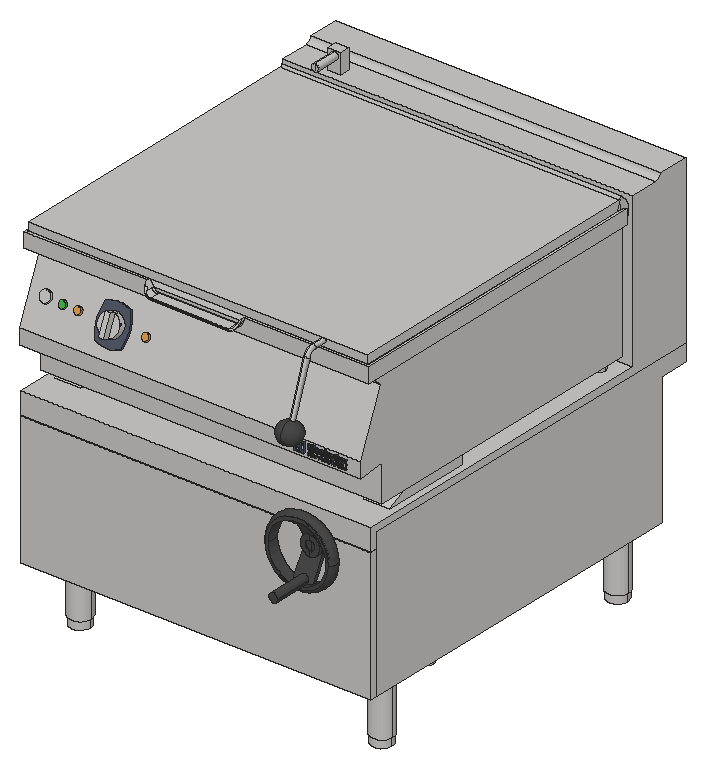
Revit family "QF_ELECTROLUXPROFESSIONAL_391416_E9PPBDBAME", category Specialty Equipment, Revit 2018 (continued)
Automatic sketch dimensions
  curve 40 to plane 17 = 2.864 mm
  plane 17 to curve 42 = 36.608 mm
  curve 42 to curve 37 = 7.038 mm
  plane 18 to curve 34 = 1.953 mm
  curve 37 to curve 34 = 6.354 mm
  curve 42 to curve 46 = 18.392 mm
  curve 47 to curve 46 = 0 mm
  curve 47 to curve 38 = 10 mm
  curve 39 to curve 38 = 0 mm
  plane 18 to curve 35 = 1.953 mm
  curve 34 to curve 35 = 20 mm
  curve 39 to curve 48 = 11.354 mm
  curve 38 to curve 43 = 15.971 mm
  curve 43 to curve 44 = 41.894 mm
  curve 44 to curve 38 = 9.742 mm
  curve 44 to curve 48 = 9.742 mm
  curve 38 to curve 44 = 5.753 mm
  curve 68 to plane 5 "FRONT" = 15.818 mm
  curve 44 to curve 68 = 87.27 mm
  curve 69 to plane 5 "FRONT" = 5.606 mm
  curve 68 to curve 69 = 11.958 mm
  curve 68 to plane 5 "FRONT" = 0.965 mm
  curve 69 to curve 68 = 1.965 mm
  curve 68 to curve 69 = 0.006 mm
  plane 5 "FRONT" to curve 69 = 4.277 mm
  curve 69 to curve 69 = 9.968 mm
  curve 70 to curve 69 = 8.908 mm
  curve 72 to plane 5 "FRONT" = 5.613 mm
  curve 72 to curve 70 = 8.911 mm
  curve 72 to plane 5 "FRONT" = 0.971 mm
  curve 72 to curve 72 = 9.976 mm
  curve 71 to plane 5 "FRONT" = 0.969 mm
  curve 72 to curve 71 = 0.006 mm
  curve 65 to curve 63 = 18.697 mm
  curve 63 to curve 63 = 4.962 mm
  curve 62 to curve 64 = 5.624 mm
  curve 64 to curve 61 = 1.683 mm  (x2)
  curve 64 to curve 62 = 2.505 mm
  curve 61 to plane 5 "FRONT" = 2.513 mm
  curve 62 to curve 66 = 0 mm  (x3)
  curve 61 to curve 64 = 0 mm
  curve 66 to curve 64 = 0.67 mm
  curve 61 to curve 65 = 4.861 mm
  curve 65 to curve 65 = 5.076 mm
  curve 65 to curve 65 = 1.823 mm
  curve 65 to curve 63 = 18.827 mm
  curve 63 to curve 66 = 13.072 mm
  curve 63 to plane 15 = 1.83 mm
  plane 3 "LEFT" to curve 54 = 10 mm
  curve 64 to plane 5 "FRONT" = 15.818 mm
  curve 71 to curve 72 = 10.205 mm
  curve 65 to curve 64 = 0 mm
  curve 54 to plane 5 "FRONT" = 15.818 mm
  curve 53 to plane 5 "FRONT" = 15.818 mm
  curve 65 to curve 65 = 7.163 mm
  curve 63 to curve 65 = 0 mm
  curve 66 to curve 63 = 10.774 mm
  curve 50 to plane 12 = 25 mm
  curve 49 to curve 50 = 0 mm
  curve 61 to curve 64 = 3.577 mm
  plane 5 "FRONT" to curve 47 = 26.466 mm
  plane 5 "FRONT" to curve 38 = 26.466 mm
  curve 47 to curve 46 = 3.53 mm
  curve 38 to curve 44 = 3.53 mm
  curve 38 to curve 44 = 10.884 mm
  curve 41 to curve 40 = 10.884 mm
  Extrusion 24 sketch curve to Extrusion 24 sketch curve = 0 mm  (x5)
  Extrusion 24 sketch curve to Extrusion 24 sketch curve = 4.545 mm
  Extrusion 24 sketch curve to Extrusion 24 sketch curve = 2.771 mm  (x2)
  Extrusion 24 sketch curve to Extrusion 24 sketch curve = 14.214 mm
  Extrusion 24 sketch curve to plane 21 = 40.578 mm
  plane 7 "Center Y" to Extrusion 24 sketch curve = 88.474 mm
  Extrusion 24 sketch curve to plane 21 = 32.378 mm
  Extrusion 24 sketch curve to Extrusion 24 sketch curve = 14.203 mm
  Extrusion 24 sketch curve to plane 21 = 33.978 mm
  Extrusion 24 sketch curve to plane 21 = 19.699 mm
  Extrusion 24 sketch curve to Extrusion 24 sketch curve = 7.32 mm
  Extrusion 24 sketch curve to Extrusion 24 sketch curve = 6.606 mm
  Extrusion 24 sketch curve to Extrusion 24 sketch curve = 6.4 mm  (x2)
  Extrusion 24 sketch curve to Extrusion 24 sketch curve = 7.872 mm
  Extrusion 25 sketch curve to plane 5 "FRONT" = 10.347 mm
  plane 5 "FRONT" to Extrusion 25 sketch curve = 6.769 mm
  Extrusion 25 sketch curve to plane 21 = 46.536 mm
  Extrusion 25 sketch curve to plane 21 = 18.745 mm
  Extrusion 26 sketch curve to Extrusion 26 sketch curve = 0 mm
  Extrusion 26 sketch curve to Extrusion 26 sketch curve = 12.3 mm  (x3)
  Extrusion 26 sketch curve to Extrusion 26 sketch curve = 34.925 mm  (x2)
  Extrusion 26 sketch curve to Extrusion 26 sketch curve = 50.015 mm
  Extrusion 30 sketch curve to Extrusion 30 sketch curve = 24.732 mm
  Extrusion 30 sketch curve to Extrusion 30 sketch curve = 0 mm
  Extrusion 31 sketch curve to plane 15 = 7.427 mm
  Extrusion 33 sketch curve to plane 11 = 87.075 mm
  plane 8 "Center X" to Extrusion 33 sketch curve = 110.667 mm
  Extrusion 33 sketch curve to Extrusion 33 sketch curve = 694.86 mm
  Extrusion 33 sketch curve to Extrusion 33 sketch curve = 15.993 mm
  Extrusion 33 sketch curve to Extrusion 33 sketch curve = 5.354 mm
  Extrusion 33 sketch curve to Extrusion 33 sketch curve = 3.503 mm
  Extrusion 33 sketch curve to Extrusion 33 sketch curve = 12.189 mm
  Extrusion 33 sketch curve to Extrusion 33 sketch curve = 3.348 mm
  Extrusion 33 sketch curve to Extrusion 33 sketch curve = 18.4 mm  (x2)
  Extrusion 33 sketch curve to Extrusion 33 sketch curve = 2.697 mm
  Extrusion 33 sketch curve to Extrusion 33 sketch curve = 14.057 mm
  Extrusion 33 sketch curve to Extrusion 33 sketch curve = 4.418 mm
  Extrusion 33 sketch curve to Extrusion 33 sketch curve = 11 mm
  Extrusion 33 sketch curve to Extrusion 33 sketch curve = 6.539 mm
  Sweep 34 sketch curve to plane 8 "Center X" = 20.462 mm
  Sweep 34 sketch curve to plane 11 = 28.458 mm
  Sweep 34 sketch curve to Sweep 34 sketch curve = 41.037 mm
  Sweep 34 sketch curve to Sweep 34 sketch curve = 18.794 mm
  Sweep 34 sketch curve to Sweep 34 sketch curve = 28.354 mm
  Sweep 34 sketch curve to Sweep 34 sketch curve = 105.908 mm
  Sweep 34 sketch curve to Sweep 34 sketch curve = 6.84 mm
  Sweep 34 sketch curve to profile plane = 0 mm
  profile plane to Sweep 34 sketch curve = 676.16 mm
  Revolve 35 sketch curve to plane 11 = 23.591 mm
  Revolve 35 sketch curve to plane 8 "Center X" = 65.198 mm
  Revolve 35 sketch curve to Revolve 35 sketch curve = 0 mm  (x4)
  Revolve 35 sketch curve to Revolve 35 sketch curve = 4.229 mm
  Revolve 35 sketch curve to Revolve 35 sketch curve = 3.746 mm
  Revolve 35 sketch curve to Revolve 35 sketch curve = 7.415 mm
  Revolve 35 sketch curve to Revolve 35 sketch curve = 22.45 mm
  Extrusion 37 sketch curve to Sweep 5 = 0 mm  (x2)
  Extrusion 37 sketch curve to Sweep 5 = 0.006 mm
  Extrusion 37 sketch curve to Sweep 5 = 220 mm
  Sweep 5 to Extrusion 37 sketch curve = 0.004 mm
  Extrusion 37 sketch curve to Sweep 5 = 7.312 mm
  Sweep 5 to Extrusion 37 sketch curve = 12.672 mm
  Sweep 5 to Extrusion 37 sketch curve = 4.465 mm
  Extrusion 37 sketch curve to Extrusion 37 sketch curve = 14.214 mm
  Extrusion 37 sketch curve to Extrusion 37 sketch curve = 21.526 mm
  Sweep 5 to Extrusion 37 sketch curve = 12.678 mm
  Extrusion 37 sketch curve to Extrusion 37 sketch curve = 7.323 mm
  curve 67 to plane 7 "Center Y" = 104.586 mm
  curve 67 to curve 2 = 14.792 mm
  curve 2 to curve 60 = 54.848 mm
  curve 60 to curve 67 = 17.07 mm
  curve 67 to curve 1 = 11.572 mm
  curve 59 to curve 59 = 17.07 mm
  plane 15 to curve 12 = 62.192 mm
  plane 15 to curve 32 = 61.843 mm
  curve 13 to curve 26 = 5.816 mm
  curve 26 to curve 13 = 7.309 mm
  curve 6 to curve 11 = 4.184 mm
  Sweep 5 sketch curve to plane 7 "Center Y" = 110 mm
  curve 72 to plane 7 "Center Y" = 86.566 mm
  curve 72 to curve 71 = 11.953 mm
  curve 71 to curve 65 = 23.021 mm
  curve 62 to curve 61 = 17.109 mm
  curve 61 to curve 66 = 23.335 mm
  curve 61 to curve 64 = 5.786 mm  (x2)
  curve 66 to plane 5 "FRONT" = 8.041 mm
  plane 15 to curve 50 = 56.375 mm
  curve 50 to curve 49 = 16.25 mm
  Extrusion 24 sketch curve to plane 7 "Center Y" = 88.474 mm
  plane 15 to Extrusion 26 sketch curve = 117.656 mm
  Extrusion 26 sketch curve to Extrusion 26 sketch curve = 2.119 mm
  Extrusion 26 sketch curve to Extrusion 26 sketch curve = 28.523 mm
  Extrusion 26 sketch curve to Extrusion 26 sketch curve = 30.616 mm
  plane 15 to Extrusion 27 sketch curve = 67.623 mm
  plane 15 to Extrusion 28 sketch curve = 32.319 mm
  plane 15 to Extrusion 29 sketch curve = 147.917 mm
  Extrusion 32 sketch curve to plane 7 "Center Y" = 122.377 mm
  plane 9 "Base" to Revolve 1 sketch curve = 20 mm
  plane 9 "Base" to Revolve 2 sketch curve = 20 mm
  Revolve 13 sketch curve to Revolve 13 sketch curve = 20 mm
  plane 9 "Base" to Revolve 14 sketch curve = 20 mm
  plane 23 to Extrusion 7 sketch curve = 83.682 mm
  plane 23 to Extrusion 19 sketch curve = 83.682 mm
  Extrusion 36 sketch curve to Extrusion 36 sketch curve = 0 mm  (x28)
  plane 17 to Extrusion 36 sketch curve = 31.031 mm
  plane 10 to Extrusion 36 sketch curve = 104.853 mm
  Extrusion 36 sketch curve to Extrusion 36 sketch curve = 3.509 mm  (x2)
  Extrusion 36 sketch curve to plane 17 = 9.633 mm
  Extrusion 36 sketch curve to Extrusion 36 sketch curve = 2.459 mm  (x3)
  Extrusion 36 sketch curve to plane 17 = 1.86 mm
  plane 17 to Extrusion 36 sketch curve = 4.143 mm
  Extrusion 36 sketch curve to Extrusion 36 sketch curve = 5.968 mm
  Extrusion 36 sketch curve to Extrusion 36 sketch curve = 0.918 mm  (x4)
  Extrusion 36 sketch curve to Extrusion 36 sketch curve = 0.949 mm  (x2)
  Extrusion 36 sketch curve to Extrusion 36 sketch curve = 1.035 mm
  Extrusion 36 sketch curve to Extrusion 36 sketch curve = 1.047 mm
  Extrusion 36 sketch curve to Extrusion 36 sketch curve = 3.513 mm  (x2)
  plane 17 to Extrusion 36 sketch curve = 36.887 mm
  Extrusion 36 sketch curve to Extrusion 36 sketch curve = 0.045 mm  (x2)
  plane 17 to Extrusion 36 sketch curve = 29.554 mm
  Extrusion 36 sketch curve to Extrusion 36 sketch curve = 0.277 mm
  Extrusion 36 sketch curve to Extrusion 36 sketch curve = 0.3 mm  (x2)
  Extrusion 36 sketch curve to Extrusion 36 sketch curve = 0.004 mm  (x3)
  Extrusion 36 sketch curve to Extrusion 36 sketch curve = 0.636 mm
  Extrusion 36 sketch curve to Extrusion 36 sketch curve = 0.02 mm  (x2)
  plane 17 to Extrusion 36 sketch curve = 36.125 mm
  Extrusion 36 sketch curve to Extrusion 36 sketch curve = 0.479 mm  (x2)
  plane 17 to Extrusion 36 sketch curve = 28.791 mm
  Extrusion 36 sketch curve to Extrusion 36 sketch curve = 1.645 mm
  Extrusion 36 sketch curve to Extrusion 36 sketch curve = 1.672 mm
  plane 17 to Extrusion 36 sketch curve = 4.181 mm
  Extrusion 36 sketch curve to Extrusion 36 sketch curve = 1.71 mm
  Extrusion 36 sketch curve to Extrusion 36 sketch curve = 0.447 mm  (x2)
  Extrusion 36 sketch curve to Extrusion 36 sketch curve = 0.343 mm
  plane 17 to Extrusion 36 sketch curve = 65.019 mm
  Extrusion 36 sketch curve to Extrusion 36 sketch curve = 0.246 mm
  Extrusion 36 sketch curve to Extrusion 36 sketch curve = 0.124 mm  (x2)
  Extrusion 36 sketch curve to Extrusion 36 sketch curve = 1.995 mm
  Extrusion 36 sketch curve to plane 17 = 3.68 mm
  Extrusion 36 sketch curve to Extrusion 36 sketch curve = 0.996 mm  (x2)
  Extrusion 36 sketch curve to Extrusion 36 sketch curve = 0.509 mm
  Extrusion 36 sketch curve to Extrusion 36 sketch curve = 2.427 mm  (x2)
  Extrusion 36 sketch curve to Extrusion 36 sketch curve = 0.616 mm  (x2)
  Extrusion 36 sketch curve to Extrusion 36 sketch curve = 0.017 mm  (x2)
  Extrusion 36 sketch curve to Extrusion 36 sketch curve = 0.926 mm
  Extrusion 36 sketch curve to Extrusion 36 sketch curve = 0.911 mm
  Extrusion 36 sketch curve to Extrusion 36 sketch curve = 1.839 mm
  Extrusion 36 sketch curve to Extrusion 36 sketch curve = 0.306 mm  (x2)
  Extrusion 36 sketch curve to Extrusion 36 sketch curve = 0.917 mm  (x3)
  Extrusion 36 sketch curve to Extrusion 36 sketch curve = 0.159 mm  (x2)
  Extrusion 36 sketch curve to plane 17 = 3.231 mm
  Extrusion 36 sketch curve to Extrusion 36 sketch curve = 1.342 mm
  Extrusion 36 sketch curve to Extrusion 36 sketch curve = 0.187 mm  (x2)
  Extrusion 36 sketch curve to Extrusion 36 sketch curve = 0.679 mm  (x2)
  Extrusion 36 sketch curve to Extrusion 36 sketch curve = 0.67 mm
  Extrusion 36 sketch curve to Extrusion 36 sketch curve = 0.002 mm
  Extrusion 36 sketch curve to Extrusion 36 sketch curve = 0.007 mm  (x3)
  Extrusion 36 sketch curve to Extrusion 36 sketch curve = 0.383 mm  (x4)
  plane 17 to Extrusion 36 sketch curve = 26.86 mm
  plane 17 to Extrusion 36 sketch curve = 34.193 mm
  Extrusion 36 sketch curve to Extrusion 36 sketch curve = 0.075 mm  (x2)
  Extrusion 36 sketch curve to Extrusion 36 sketch curve = 0.677 mm  (x2)
  Extrusion 36 sketch curve to Extrusion 36 sketch curve = 0.957 mm
  Extrusion 36 sketch curve to Extrusion 36 sketch curve = 1.024 mm
  Extrusion 36 sketch curve to Extrusion 36 sketch curve = 0.328 mm  (x2)
  plane 17 to Extrusion 36 sketch curve = 26.143 mm
  Extrusion 36 sketch curve to Extrusion 36 sketch curve = 0.492 mm  (x2)
  plane 17 to Extrusion 36 sketch curve = 33.476 mm
  Extrusion 36 sketch curve to plane 17 = 3.201 mm
  Extrusion 36 sketch curve to Extrusion 36 sketch curve = 1.815 mm
  Extrusion 36 sketch curve to Extrusion 36 sketch curve = 3.936 mm
  plane 17 to Extrusion 36 sketch curve = 6.401 mm
  Extrusion 36 sketch curve to Extrusion 36 sketch curve = 1.802 mm
  Extrusion 36 sketch curve to Extrusion 36 sketch curve = 0.781 mm
  plane 17 to Extrusion 36 sketch curve = 18.717 mm  (x4)
  Extrusion 36 sketch curve to Extrusion 36 sketch curve = 4.769 mm
  plane 17 to Extrusion 36 sketch curve = 43.012 mm  (x4)
  Extrusion 36 sketch curve to Extrusion 36 sketch curve = 4.78 mm
  plane 17 to Extrusion 36 sketch curve = 2.789 mm
  Extrusion 36 sketch curve to Extrusion 36 sketch curve = 4.809 mm
  plane 17 to Extrusion 36 sketch curve = 54.783 mm
  Extrusion 36 sketch curve to Extrusion 36 sketch curve = 4.821 mm
  plane 17 to Extrusion 36 sketch curve = 32.77 mm
  Extrusion 36 sketch curve to Extrusion 36 sketch curve = 5.852 mm
  Extrusion 36 sketch curve to plane 17 = 10.755 mm
  Extrusion 36 sketch curve to Extrusion 36 sketch curve = 5.071 mm  (x3)
  Extrusion 36 sketch curve to plane 17 = 5.598 mm
  Extrusion 36 sketch curve to Extrusion 36 sketch curve = 0.003 mm  (x2)
  plane 17 to Extrusion 36 sketch curve = 33.791 mm
  Extrusion 36 sketch curve to Extrusion 36 sketch curve = 0.046 mm
  plane 17 to Extrusion 36 sketch curve = 71.33 mm
  Extrusion 36 sketch curve to Extrusion 36 sketch curve = 0.068 mm
  Extrusion 36 sketch curve to Extrusion 36 sketch curve = 10.348 mm
  plane 17 to Extrusion 36 sketch curve = 38.925 mm  (x2)
  Extrusion 36 sketch curve to Extrusion 36 sketch curve = 1.761 mm
  plane 17 to Extrusion 36 sketch curve = 50.493 mm
  Extrusion 36 sketch curve to Extrusion 36 sketch curve = 1.821 mm
  plane 17 to Extrusion 36 sketch curve = 54.702 mm
  Extrusion 36 sketch curve to Extrusion 36 sketch curve = 2.064 mm  (x2)
  Extrusion 36 sketch curve to Extrusion 36 sketch curve = 2.196 mm  (x3)
  Extrusion 36 sketch curve to Extrusion 36 sketch curve = 2.206 mm  (x2)
  plane 17 to Extrusion 36 sketch curve = 2.77 mm
  Extrusion 36 sketch curve to Extrusion 36 sketch curve = 2.216 mm
  Extrusion 36 sketch curve to Extrusion 36 sketch curve = 0.588 mm
  Extrusion 36 sketch curve to Extrusion 36 sketch curve = 0.037 mm
  Extrusion 36 sketch curve to Extrusion 36 sketch curve = 0.109 mm
  plane 17 to Extrusion 36 sketch curve = 32.761 mm
  Extrusion 36 sketch curve to Extrusion 36 sketch curve = 2.272 mm  (x2)
  Extrusion 36 sketch curve to plane 17 = 4.747 mm
  Extrusion 36 sketch curve to Extrusion 36 sketch curve = 2.435 mm
  Extrusion 36 sketch curve to Extrusion 36 sketch curve = 1.25 mm
  plane 17 to Extrusion 36 sketch curve = 51.95 mm
  Extrusion 36 sketch curve to Extrusion 36 sketch curve = 1.417 mm
  plane 17 to Extrusion 36 sketch curve = 40.422 mm  (x2)
  Extrusion 36 sketch curve to Extrusion 36 sketch curve = 1.558 mm  (x2)
  Extrusion 36 sketch curve to plane 17 = 11.031 mm
  Extrusion 36 sketch curve to Extrusion 36 sketch curve = 3.247 mm
  Extrusion 36 sketch curve to plane 17 = 8.176 mm  (x2)
  Extrusion 36 sketch curve to Extrusion 36 sketch curve = 0.339 mm
  Extrusion 36 sketch curve to Extrusion 36 sketch curve = 4.029 mm
  Extrusion 36 sketch curve to plane 17 = 1.884 mm
  Extrusion 36 sketch curve to Extrusion 36 sketch curve = 1.655 mm
  plane 17 to Extrusion 36 sketch curve = 4.985 mm
  Extrusion 36 sketch curve to Extrusion 36 sketch curve = 0.201 mm
  plane 17 to Extrusion 36 sketch curve = 37.42 mm
  Extrusion 36 sketch curve to Extrusion 36 sketch curve = 2.769 mm
  plane 17 to Extrusion 36 sketch curve = 0.553 mm
  Extrusion 36 sketch curve to Extrusion 36 sketch curve = 0.162 mm
  Extrusion 36 sketch curve to Extrusion 36 sketch curve = 0.137 mm
  plane 17 to Extrusion 36 sketch curve = 72.357 mm
  Extrusion 36 sketch curve to Extrusion 36 sketch curve = 2.101 mm
  Extrusion 36 sketch curve to Extrusion 36 sketch curve = 0.103 mm  (x2)
  Extrusion 36 sketch curve to Extrusion 36 sketch curve = 2.671 mm
  plane 17 to Extrusion 36 sketch curve = 60.227 mm
  Extrusion 36 sketch curve to Extrusion 36 sketch curve = 0.566 mm
  plane 17 to Extrusion 36 sketch curve = 24.258 mm
  Extrusion 36 sketch curve to Extrusion 36 sketch curve = 3.183 mm  (x2)
  plane 17 to Extrusion 36 sketch curve = 13.177 mm
  Extrusion 36 sketch curve to Extrusion 36 sketch curve = 5.077 mm
  plane 17 to Extrusion 36 sketch curve = 21.859 mm
  plane 17 to Extrusion 36 sketch curve = 15.575 mm
  plane 17 to Extrusion 36 sketch curve = 48.557 mm
  Extrusion 36 sketch curve to Extrusion 36 sketch curve = 0.627 mm
  plane 17 to Extrusion 36 sketch curve = 46.149 mm
  plane 17 to Extrusion 36 sketch curve = 28.375 mm  (x2)
  Extrusion 36 sketch curve to Extrusion 36 sketch curve = 0.262 mm
  Extrusion 36 sketch curve to plane 17 = 6.847 mm
  Extrusion 36 sketch curve to Extrusion 36 sketch curve = 1.773 mm
  Extrusion 36 sketch curve to plane 17 = 9.507 mm
  Extrusion 36 sketch curve to Extrusion 36 sketch curve = 1.793 mm
  Extrusion 36 sketch curve to Extrusion 36 sketch curve = 1.788 mm
  plane 17 to Extrusion 36 sketch curve = 52.274 mm
  Extrusion 36 sketch curve to Extrusion 36 sketch curve = 1.7 mm
  Extrusion 36 sketch curve to Extrusion 36 sketch curve = 1.733 mm
  Extrusion 36 sketch curve to Extrusion 36 sketch curve = 4.169 mm
  Extrusion 36 sketch curve to Extrusion 36 sketch curve = 1.242 mm
  Extrusion 36 sketch curve to Extrusion 36 sketch curve = 2.572 mm  (x2)
  Extrusion 36 sketch curve to plane 17 = 11.394 mm
  Extrusion 36 sketch curve to Extrusion 36 sketch curve = 2.881 mm
  Extrusion 36 sketch curve to Extrusion 36 sketch curve = 3.582 mm
  plane 17 to Extrusion 36 sketch curve = 25.635 mm
  Extrusion 36 sketch curve to Extrusion 36 sketch curve = 0.101 mm
  Extrusion 36 sketch curve to plane 17 = 4.843 mm
  Extrusion 36 sketch curve to Extrusion 36 sketch curve = 2.74 mm
  Extrusion 36 sketch curve to Extrusion 36 sketch curve = 1.113 mm
  plane 17 to Extrusion 36 sketch curve = 54.844 mm  (x2)
  Extrusion 36 sketch curve to Extrusion 36 sketch curve = 2.226 mm
  Extrusion 36 sketch curve to Extrusion 36 sketch curve = 2.28 mm
  Extrusion 36 sketch curve to Extrusion 36 sketch curve = 0.585 mm
  Extrusion 36 sketch curve to plane 17 = 3.341 mm
  Extrusion 36 sketch curve to Extrusion 36 sketch curve = 2.054 mm
  Extrusion 36 sketch curve to plane 17 = 13.011 mm
  Extrusion 36 sketch curve to Extrusion 36 sketch curve = 2.203 mm
  Extrusion 36 sketch curve to Extrusion 36 sketch curve = 1.51 mm
  Extrusion 36 sketch curve to Extrusion 36 sketch curve = 5.923 mm
  plane 17 to Extrusion 36 sketch curve = 24.628 mm
  Extrusion 36 sketch curve to Extrusion 36 sketch curve = 2.337 mm
  Extrusion 36 sketch curve to Extrusion 36 sketch curve = 1.561 mm
  Extrusion 36 sketch curve to Extrusion 36 sketch curve = 3.319 mm
  Extrusion 36 sketch curve to Extrusion 36 sketch curve = 0.191 mm
  Extrusion 36 sketch curve to Extrusion 36 sketch curve = 2.274 mm
  Extrusion 36 sketch curve to Extrusion 36 sketch curve = 3.888 mm  (x2)
  Extrusion 36 sketch curve to Extrusion 36 sketch curve = 0.986 mm
  Extrusion 36 sketch curve to Extrusion 36 sketch curve = 2.599 mm  (x2)
  Extrusion 36 sketch curve to Extrusion 36 sketch curve = 2.865 mm
  Extrusion 36 sketch curve to Extrusion 36 sketch curve = 0.998 mm  (x6)
  Extrusion 36 sketch curve to Extrusion 36 sketch curve = 1.022 mm
  Extrusion 36 sketch curve to Extrusion 36 sketch curve = 1.117 mm
  Extrusion 36 sketch curve to Extrusion 36 sketch curve = 1.993 mm
  Extrusion 36 sketch curve to Extrusion 36 sketch curve = 1.073 mm
  Extrusion 36 sketch curve to Extrusion 36 sketch curve = 0.448 mm  (x2)
  Extrusion 36 sketch curve to Extrusion 36 sketch curve = 0.9 mm
  Extrusion 36 sketch curve to plane 17 = 0.788 mm
  Extrusion 36 sketch curve to Extrusion 36 sketch curve = 1.008 mm
  Extrusion 36 sketch curve to Extrusion 36 sketch curve = 2.221 mm
  Extrusion 36 sketch curve to Extrusion 36 sketch curve = 0.971 mm
  Extrusion 36 sketch curve to Extrusion 36 sketch curve = 2.438 mm
  Extrusion 36 sketch curve to Extrusion 36 sketch curve = 1.849 mm
  Extrusion 36 sketch curve to Extrusion 36 sketch curve = 2.419 mm
  Extrusion 36 sketch curve to Extrusion 36 sketch curve = 6.696 mm  (x2)
  Extrusion 36 sketch curve to Extrusion 36 sketch curve = 5.345 mm
  Extrusion 36 sketch curve to Extrusion 36 sketch curve = 0.421 mm  (x2)
  Extrusion 36 sketch curve to Extrusion 36 sketch curve = 0.078 mm  (x2)
  Extrusion 36 sketch curve to Extrusion 36 sketch curve = 0.133 mm  (x2)
  Extrusion 36 sketch curve to Extrusion 36 sketch curve = 0.006 mm  (x2)
  Extrusion 36 sketch curve to Extrusion 36 sketch curve = 0.23 mm  (x2)
  Extrusion 36 sketch curve to Extrusion 36 sketch curve = 0.065 mm  (x2)
  Extrusion 36 sketch curve to Extrusion 36 sketch curve = 0.279 mm  (x2)
  Extrusion 36 sketch curve to Extrusion 36 sketch curve = 0.251 mm  (x2)
  Extrusion 36 sketch curve to Extrusion 36 sketch curve = 0.134 mm  (x2)
  Extrusion 36 sketch curve to Extrusion 36 sketch curve = 0.009 mm  (x2)
  Extrusion 36 sketch curve to Extrusion 36 sketch curve = 0.164 mm  (x2)
  Extrusion 36 sketch curve to Extrusion 36 sketch curve = 0.077 mm  (x2)
  Extrusion 36 sketch curve to Extrusion 36 sketch curve = 0.866 mm  (x2)
  Extrusion 36 sketch curve to Extrusion 36 sketch curve = 2.398 mm
  Extrusion 36 sketch curve to Extrusion 36 sketch curve = 2.034 mm
  Extrusion 36 sketch curve to Extrusion 36 sketch curve = 2.418 mm
  Extrusion 36 sketch curve to Extrusion 36 sketch curve = 1.355 mm
  Extrusion 36 sketch curve to Extrusion 36 sketch curve = 3.835 mm
  Extrusion 36 sketch curve to Extrusion 36 sketch curve = 0.047 mm  (x2)
  Extrusion 36 sketch curve to Extrusion 36 sketch curve = 0.135 mm
  Extrusion 36 sketch curve to Extrusion 36 sketch curve = 0.977 mm
  Extrusion 36 sketch curve to Extrusion 36 sketch curve = 0.409 mm
  Extrusion 36 sketch curve to Extrusion 36 sketch curve = 4.118 mm
  Extrusion 36 sketch curve to Extrusion 36 sketch curve = 0.175 mm
  Extrusion 36 sketch curve to Extrusion 36 sketch curve = 1.289 mm
  Extrusion 36 sketch curve to Extrusion 36 sketch curve = 1.827 mm
  Extrusion 36 sketch curve to Extrusion 36 sketch curve = 2.51 mm
  Extrusion 36 sketch curve to Extrusion 36 sketch curve = 0.061 mm
  Extrusion 36 sketch curve to Extrusion 36 sketch curve = 6.931 mm
  Extrusion 36 sketch curve to Extrusion 36 sketch curve = 1.165 mm
  Extrusion 36 sketch curve to Extrusion 36 sketch curve = 2.417 mm
  Extrusion 36 sketch curve to Extrusion 36 sketch curve = 1.133 mm
  Extrusion 36 sketch curve to Extrusion 36 sketch curve = 0.82 mm
  Extrusion 36 sketch curve to Extrusion 36 sketch curve = 1.717 mm
  Extrusion 36 sketch curve to Extrusion 36 sketch curve = 0.161 mm
  Extrusion 36 sketch curve to Extrusion 36 sketch curve = 1.885 mm
  Extrusion 36 sketch curve to Extrusion 36 sketch curve = 2.261 mm
  Extrusion 36 sketch curve to Extrusion 36 sketch curve = 1.718 mm
  Extrusion 36 sketch curve to Extrusion 36 sketch curve = 0.886 mm
  Extrusion 36 sketch curve to Extrusion 36 sketch curve = 0.969 mm
  Extrusion 36 sketch curve to Extrusion 36 sketch curve = 0.001 mm
  Extrusion 36 sketch curve to Extrusion 36 sketch curve = 5.646 mm
  Extrusion 36 sketch curve to Extrusion 36 sketch curve = 0.067 mm
  Extrusion 36 sketch curve to Extrusion 36 sketch curve = 0.04 mm
  Extrusion 36 sketch curve to Extrusion 36 sketch curve = 0.939 mm
  Extrusion 36 sketch curve to Extrusion 36 sketch curve = 0.873 mm
  Extrusion 36 sketch curve to Extrusion 36 sketch curve = 2.416 mm
  Extrusion 36 sketch curve to Extrusion 36 sketch curve = 9.714 mm
  Extrusion 36 sketch curve to Extrusion 36 sketch curve = 8.795 mm
  Extrusion 36 sketch curve to Extrusion 36 sketch curve = 1.097 mm  (x2)
  Extrusion 36 sketch curve to Extrusion 36 sketch curve = 1.972 mm
  Extrusion 36 sketch curve to Extrusion 36 sketch curve = 0.238 mm
  Extrusion 36 sketch curve to Extrusion 36 sketch curve = 3.568 mm
  Extrusion 36 sketch curve to Extrusion 36 sketch curve = 3.898 mm
  Extrusion 36 sketch curve to Extrusion 36 sketch curve = 0.915 mm  (x2)
  Extrusion 36 sketch curve to Extrusion 36 sketch curve = 0.408 mm  (x2)
  Extrusion 36 sketch curve to Extrusion 36 sketch curve = 0.453 mm  (x2)
  Extrusion 36 sketch curve to Extrusion 36 sketch curve = 0.239 mm  (x2)
  Extrusion 36 sketch curve to Extrusion 36 sketch curve = 0.266 mm  (x2)
  Extrusion 36 sketch curve to Extrusion 36 sketch curve = 0.148 mm  (x2)
  Extrusion 36 sketch curve to Extrusion 36 sketch curve = 0.764 mm  (x2)
  Extrusion 36 sketch curve to Extrusion 36 sketch curve = 0.041 mm  (x2)
  Extrusion 36 sketch curve to Extrusion 36 sketch curve = 1.266 mm  (x2)
  radius of Extrusion 8 sketch curve = 15 mm  (x2)
  radius of Sweep 15 sketch curve = 5 mm
  radius of Extrusion 17 sketch curve = 12.7 mm
  radius of Extrusion 18 sketch curve = 30 mm
  radius of Sweep 21 sketch curve = 80 mm
  radius of Extrusion 23 sketch curve = 10 mm
  radius of Extrusion 27 sketch curve = 8 mm
  radius of Extrusion 28 sketch curve = 8 mm
  radius of Extrusion 29 sketch curve = 25.4 mm
  radius of Extrusion 30 sketch curve to Extrusion 29 = 0 mm  (x2)
  radius of Extrusion 31 sketch curve = 12.7 mm
  radius of Extrusion 32 sketch curve = 8 mm
  radius of Sweep 34 sketch curve = 5 mm
  radius of Extrusion 38 sketch curve = 9.525 mm
  radius of Extrusion 39 sketch curve = 6.35 mm
  radius of Extrusion 36 sketch curve = 2.521 mm  (x2)
  radius of Extrusion 36 sketch curve = 1.6 mm
  radius of Extrusion 36 sketch curve = 1.51 mm
Connectors
  piping at (389, -760.182, 325), diameter 19
    settings: on Extrusion 38, index 1, connector inside diameter 0.74803", connector length 0 mm, flow factor 0, pipe flow 0 GPM, pressure drop 0.00 psi, fitting loss kfactor 0, connector angle 0.00°, fixture units 0, engagement length 0 mm, angle of deflection 0.00°, flow configuration 1, flow direction 1, fitting loss method 0, system type 20, joint type 0, gender type 0, connector reference index -1, connector utility 0, adjustable connector no, is connector primary yes, connector description "COLD WATER INLET"
  electrical at (340, -702.182, 220)
    settings: on Extrusion 39, index 2, voltage 400 V, apparent load 13000 VA, apparent load phase1 0 VA, apparent load phase2 0 VA, apparent load phase3 0 VA, power factor 1, load classification "Other", number of poles 1, system type 30, power factor state 1, is connector primary yes, connector utility no, sub classification motor no, connector description "ELECTRICAL CONNECTION"
